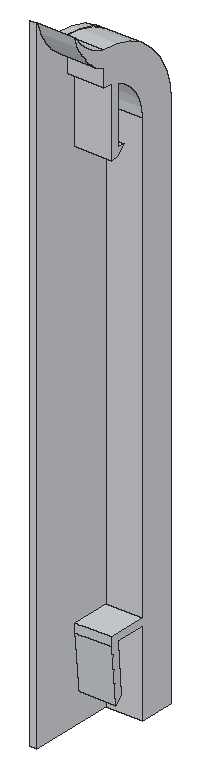
Revit family "HansWeitzel_4133", category Allgemeines Modell, Revit 2017
Family settings
  Basisbauteil = Wand
  Kann Basisbauteil für Bewehrung sein = Nein
  Bemaßung runder Anschluss = Durchmesser verwenden
  Teiletyp = Normal
  Immer vertikal = Ja
  Beim Laden mit Abzugskörper schneiden = Nein
  Gemeinsam genutzt = Nein
  Raumberechnungspunkt = Nein
Parameters
  max. Betriebstemperatur (°C) = 90
  Werkstoff = "Polystyrol"
  Wandmontage möglich = yes
  Typname = "HZ-Stoßverbinder BLF Buche dunkel"
  Tiefe (mm) = 30
  Profilart = "Anschlussprofi"
  Menge pro Verpackungseinheit = 10
  Ist Zubehör = no
  Ist System = no
  Höhe [mm] = 93
  Hersteller = "Hans Weitzel GmbH & Co. KG"
  HeinzeBIM = "https://www.heinze.de/bim/hz-stossverbinder-blf-buche-dunkel/6ce841d8c003c2f0351888f5bd4c5b56915332c2"
  HAN = "4133"
  Gewicht unverpackt (netto) [kg] = 0.008
  GTIN = "4022023208719"
  Farbton = "Holzart/Holzdekor"
  Dekor = "Buche dunkel"
  Breite [mm] = 40
  Beschreibung = "HZ-Stoßverbinder BLF Buche dunkel Formteil an Sollbruchstelle einkürzen"
  BIMSITE_PRODUCT_ID = "6ce841d8c003c2f0351888f5bd4c5b56915332c2"
  BIM = "https://media.live.bim.site/t/eyJhbGciOiJIUzI1NiIsInR5cCI6IkpXVCJ9.eyJjdCI6MSwidGYiOiJwdWJsaWMvaGFucy13ZWl0emVsLWdtYmgtY28ta2cvMjI1MGEyZS9IWl9CTEZfU3Rvc3N2ZXJiaW5kZXJfQmxpbmRsLnJmYSIsImNpZCI6ImZlZDk4ZTlhLTFiZDgtNGM2OC1hNzNiLTc0YTk0ZTMxNTgyMyIsInJpZCI6ImU0N2I3MGJiNWY5ZWQ3NDE3MDc4ODIzMzc2NTkwZTZlIiwicGlkIjoiNmNlODQxZDhjMDAzYzJmMDM1MTg4OGY1YmQ0YzViNTY5MTUzMzJjMiIsInNpZCI6IjYzNTU4IiwidXQiOjUsImxjIjoiZGUiLCJpYXQiOjE1ODAyMDE4MzcsImlzcyI6Imh0dHBzOi8vYXBpLmxpdmUuYmltLnNpdGUiLCJzdWIiOiJmNTg2YzRiNi1hNTA4LTQyN2EtOTgxOC0xMzE3OTY2NTc2YmMifQ.-dPhWwVGy-TwqgasFm7NHWIoCnl9ieileZyLOK_HFxw/HZ_BLF_Stossverbinder_Blindl.rfa"
Reference planes
  plane 1: y = 0
  plane 2 "Center (Left/Right)": x = 0
  plane 3 "Wall Edge": y = 76.2
Text (mm)
  text "Placement Side" at (0, 1019.848, 3124.603), in view "Right"
  text "Placement Side" at (-1787.662, 723.012, 0), in view "Ref. Level"
  text "Placement Side" at (0, 2073.289, 3571.227), in view "Left"
Dimensions and locks
  locked: plane 3 "Wall Edge" to host wall
  aligned and locked: plane 3 "Wall Edge" to nested 1
Nested families
  nested 1: "HZ_BLF_Stossverbinder_Blindl" at (1, 76.2, 0), type "HZ_BLF_Stossverbinder_Blindl"
Definition of nested family "HZ_BLF_Stossverbinder_Blindl"
  Reference planes
    plane 1 "Center (Front/Back)": y = 0
    plane 2: z = 0
    plane 3 "Center (Left/Right)": x = 0
  Forms (mm)
    Extrusion 1, solid
      sketch origin (0, 0, 0) x (0, 1, 0) y (0, 0, 1)
        loop
          arc (16, 72) -> (12.727, 79.83) -> (4.854, 82.999) r 11
          arc (4.854, 82.999) -> (2.091, 84.316) -> (0, 86.553) r 8.222
          arc (0, 86.553) -> (1.757, 83.087) -> (4.851, 80.736) r 8.67
          line (4.851, 80.736) -> (4.851, 78.472)
          arc (4.851, 78.472) -> (5.499, 78.442) -> (6.14, 78.346) r 6.5
          line (6.14, 78.346) -> (6.14, 69.232) -> (7.064, 69.232) -> (8.141, 70.371) -> (7.148, 70.371) -> (7.148, 78.059)
          arc (7.148, 78.059) -> (10.208, 75.675) -> (11.366, 71.972) r 6.5
          line (11.366, 71.972) -> (11.366, 12.318) -> (6.13, 12.318) -> (6.13, 11.14) -> (6.85, 3.802) -> (7.723, 4.72) -> (7.157, 11.4) -> (11.366, 11.4) -> (11.366, 0) -> (16, 0) -> (16, 72)
      from 0 to 5
    Extrusion 2, solid
      sketch origin (-1, 0, 0) x (0, 1, 0) y (0, 0, 1)
        loop
          line (16, 0) -> (16, 72)
          arc (16, 72) -> (12.727, 79.83) -> (4.854, 82.999) r 11
          arc (4.854, 82.999) -> (2.091, 84.316) -> (0, 86.553) r 8.222
          line (0, 86.553) -> (0, 0) -> (16, 0)
      from 0 to 1
  Dimensions and locks
    aligned and locked: plane 2 to level
